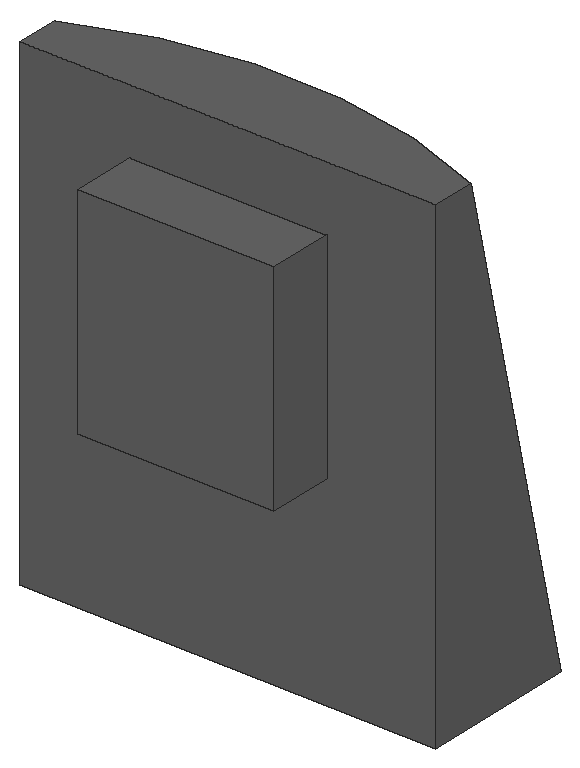
Revit family "SG", category Lighting Fixtures, host Wall, Revit 2021
Family settings
  Host = Wall
  Round Connector Dimension = Use Diameter
  Part Type = Normal
  OmniClass Number = 23.80.70.14.14
  OmniClass Title = Exterior Floodlights
  Always vertical = Yes
  Cut with Voids When Loaded = No
  Light Source = No
  Shared = No
  Room Calculation Point = No
Parameters (values of type "SG-BL")
  Wattage Comments = "20, 30, 50,& 80W"  # constant formula
  Voltage = 120 V
  URL = "https://www.currentlighting.com/exo"
  Product Page URL = ""
  Product Documentation Link = ""
  Photometric Web = Web SG : SG2-50-3K-PCU
  Glass = White Glass
  Product Option = Sling Series : SG2
  Power Factor = 1
  Model = "SG Sling"  # constant formula
  Manufacturer = "EXO"  # constant formula
  Load Classification = Lighting
  Lamp = "LED"  # constant formula
  Description = "Perimeter wall or flood illumination"  # constant formula
  Default Elevation = 0.00"
  Box Finish = Textured Black
  Assembly Code = "D5020200"
  Apparent Load = 20 VA
Types (5): name | Photometric Web | Product Option | Box Finish
  SG-BL | Web SG : SG2-50-3K-PCU | Sling Series : SG2 | Textured Black
  SG-DB | Web SG : SG1-20-PCU | Sling Series : SG2 | Textured Dark Bronze
  SG-WH | Web SG : SG1-20-PCU | Sling Series : SG1 | Textured White
  SG-GYS | Web SG : SG1-20-PCU | Sling Series : SG2 | Smooth Gray
  SG-PS | Web SG : SG1-20-PCU | Sling Series : SG1 | Platinum
Reference planes (in)
  plane 1 "Wall": y = 0
  plane 2 "Center (Left/Right)": x = 4.92126
  plane 3 "Back": y = 2.95276
  plane 4: y = 3.45276
  plane 5: y = 0.95276
  plane 6: z = 66.74729
Text (in)
  text "Placement Side" at (-36.97918, 19.73443, 0), in view "Ref. Level"
  text "Placement side" at (0, 27.32912, 79.68064), in view "Left"
  text "Placement side" at (0, 10.24977, 82.91007), in view "Right"
Dimensions and locks (in)
  locked: plane 3 "Back" to host wall
  locked: plane 3 "Back" to plane 4 at 0.5
  locked: plane 4 to plane 5 at 2.5
  aligned and locked: plane 1 "Wall" to host wall
  aligned and locked: nested 1 to plane 6
  aligned and locked: nested 1 to plane 2 "Center (Left/Right)"
  aligned and locked: plane 2 "Center (Left/Right)" to nested 2
Nested families (in)
  nested 1: "Sling Series" at (4.92126, 2.95276, 66.74729) x (-1, 0, 0) z (0, 1, 0), type <- "Product Option", type "SG2"
    with zz Height 2 4.00", zz Height 1 11.14", zz Weigth 1 9.52", zz Depth 2 0.75", zz Depth 1 5.80", Array 14
  nested 2: "Web SG" at (4.96125, 6.76104, 59.65729) x (0, -1, 0) z (0, 0, -1), type <- "Photometric Web", type "SG2-50-3K-PCU"
Connectors (in)
  electrical at (4.92126, 2.95276, 66.74729), driven by "Load Classification", driven by "Voltage", driven by "Apparent Load", driven by "Power Factor"
    settings: on nested 1, index 1, voltage 120 V, apparent load 20 VA, apparent load phase1 0 VA, apparent load phase2 0 VA, apparent load phase3 0 VA, power factor 1, load classification "Lighting", number of poles 1, system type 30, power factor state 1, is connector primary yes, connector utility no, sub classification motor no, connector description "Lighting Connector"
Definition of nested family "Sling Series"
  Parameters
    zz Height 2 = 3.00"
    zz Height 1 = 7.80"
    zz Weigth 1 = 6.61"
    zz Depth 2 = 0.50"
    zz Depth 1 = 4.19"
    Reflector Assy = none
    Glass = none
    Default Elevation = 48.00"
    Array = 11
  Reference planes (in)
    plane 1 "Center (Front/Back)": y = 0
    plane 2: z = 0
    plane 3 "Center (Left/Right)": x = 0
    plane 4: y = -4.8
    plane 5: y = 3
    plane 6: z = 1.5
    plane 7: x = -3.305
    plane 8: x = 3.305
    plane 9: x = -2.25
    plane 10: x = 2.25
    plane 11: y = 2.5
    plane 12: y = -2.5
    plane 13: z = 4.19
    plane 14: z = 3
    plane 15: z = 2.5
    plane 16: z = 3.69
    plane 17: y = -4.55
    plane 18: y = -4.75
    plane 19: x = -2.805
    plane 20: x = 2.805
    plane 21: x = -2.555
    plane 22: x = 2.555
    plane 23: y = -4.05
    plane 24: y = -4.09166
    plane 25: y = -4.05417
    plane 26: y = -4.05833
    plane 27: y = -4.0625
    plane 28: y = -4.06667
    plane 29: y = -4.07083
    plane 30: y = -4.075
    plane 31: y = -4.07917
    plane 32: y = -4.08333
    plane 33: y = -4.0875
    plane 34: y = -4.05
  Forms (in)
    Extrusion 1, solid
      sketch origin (0, 0, 0) x (1, 0, 0) y (0, 1, 0)
        loop
          line (-48, 48) -> (-48, -48) -> (48, -48) -> (48, 48) -> (-48, 48)
      from 0 to -12
    Extrusion 2, solid, material <- "Reflector Assy"
      sketch origin (0, 0, 0) x (1, 0, 0) y (0, 1, 0)
        loop
          line (-2.25, 2.5) -> (-2.25, -2.5) -> (2.25, -2.5) -> (2.25, 2.5) -> (-2.25, 2.5)
      from 0 to 1.5
    SweptBlend 3, solid, material <- "Reflector Assy"
      path origin (0, 0, 0) x (1, 0, 0) y (0, 1, 0)
        loop
          line (0, 3) -> (0, -4.8)
      profile origin (0, 3, 0) x (1, 0, 0) y (0, 0, 1)
        loop
          line (3.305, 1.5) -> (3.305, 2.5)
          arc (3.305, 2.5) -> (0, 3) -> (-3.305, 2.5) r 11.17302
          line (-3.305, 2.5) -> (-3.305, 1.5) -> (3.305, 1.5)
      end profile origin (0, -4.8, 0) x (1, 0, 0) y (0, 0, 1)
        loop
          line (3.305, 1.5) -> (3.305, 3.69)
          arc (3.305, 3.69) -> (0, 4.12687) -> (-3.305, 3.69) r 12.71989
          line (-3.305, 3.69) -> (-3.305, 1.5) -> (3.305, 1.5)
    Extrusion 4, void
      sketch origin (0, 0, 0) x (1, 0, 0) y (0, 0, 1)
        loop
          arc (3.055, 3.51127) -> (0, 3.89085) -> (-3.055, 3.51127) r 12.48387
          line (-3.055, 3.51127) -> (-3.055, 1.75) -> (3.055, 1.75) -> (3.055, 3.51127)
      from 4.55 to 4.8
    Extrusion 5, solid, material <- "Glass"
      sketch origin (0, 0, 0) x (1, 0, 0) y (0, 0, 1)
        loop
          arc (3.055, 3.51127) -> (0, 3.89085) -> (-3.055, 3.51127) r 12.48387
          line (-3.055, 3.51127) -> (-3.055, 1.75) -> (3.055, 1.75) -> (3.055, 3.51127)
      from 4.55 to 4.75
    Extrusion 6, void
      sketch origin (-4.02127, 0, 62.36429) x (0, 0, -1) y (0, -1, 0)
        loop
          line (56.61429, -2.5) -> (59.86429, -2.5) -> (58.67429, 4.05) -> (56.61429, 4.05) -> (56.61429, -2.5)
      from -1.21627 to -1.46627
    Extrusion 7, void
      sketch origin (2.79373, -0.04166, 62.36429) x (0, 0, -1) y (0, -1, 0)
        loop
          line (56.61429, -2.5) -> (59.86429, -2.5) -> (58.67429, 4.05) -> (56.61429, 4.05) -> (56.61429, -2.5)
      from -1.21627 to -1.46627
    Extrusion 8, void
      sketch origin (-3.33977, -0.00417, 62.36429) x (0, 0, -1) y (0, -1, 0)
        loop
          line (56.61429, -2.5) -> (59.86429, -2.5) -> (58.67429, 4.05) -> (56.61429, 4.05) -> (56.61429, -2.5)
      from -1.21627 to -1.46627
    Extrusion 9, void
      sketch origin (-2.65827, -0.00833, 62.36429) x (0, 0, -1) y (0, -1, 0)
        loop
          line (56.61429, -2.5) -> (59.86429, -2.5) -> (58.67429, 4.05) -> (56.61429, 4.05) -> (56.61429, -2.5)
      from -1.21627 to -1.46627
    Extrusion 10, void
      sketch origin (-1.97677, -0.0125, 62.36429) x (0, 0, -1) y (0, -1, 0)
        loop
          line (56.61429, -2.5) -> (59.86429, -2.5) -> (58.67429, 4.05) -> (56.61429, 4.05) -> (56.61429, -2.5)
      from -1.21627 to -1.46627
    Extrusion 11, void
      sketch origin (-1.29527, -0.01667, 62.36429) x (0, 0, -1) y (0, -1, 0)
        loop
          line (56.61429, -2.5) -> (59.86429, -2.5) -> (58.67429, 4.05) -> (56.61429, 4.05) -> (56.61429, -2.5)
      from -1.21627 to -1.46627
    Extrusion 12, void
      sketch origin (-0.61377, -0.02083, 62.36429) x (0, 0, -1) y (0, -1, 0)
        loop
          line (56.61429, -2.5) -> (59.86429, -2.5) -> (58.67429, 4.05) -> (56.61429, 4.05) -> (56.61429, -2.5)
      from -1.21627 to -1.46627
    Extrusion 13, void
      sketch origin (0.06773, -0.025, 62.36429) x (0, 0, -1) y (0, -1, 0)
        loop
          line (56.61429, -2.5) -> (59.86429, -2.5) -> (58.67429, 4.05) -> (56.61429, 4.05) -> (56.61429, -2.5)
      from -1.21627 to -1.46627
    Extrusion 14, void
      sketch origin (0.74923, -0.02917, 62.36429) x (0, 0, -1) y (0, -1, 0)
        loop
          line (56.61429, -2.5) -> (59.86429, -2.5) -> (58.67429, 4.05) -> (56.61429, 4.05) -> (56.61429, -2.5)
      from -1.21627 to -1.46627
    Extrusion 15, void
      sketch origin (1.43073, -0.03333, 62.36429) x (0, 0, -1) y (0, -1, 0)
        loop
          line (56.61429, -2.5) -> (59.86429, -2.5) -> (58.67429, 4.05) -> (56.61429, 4.05) -> (56.61429, -2.5)
      from -1.21627 to -1.46627
    Extrusion 16, void
      sketch origin (2.11223, -0.0375, 62.36429) x (0, 0, -1) y (0, -1, 0)
        loop
          line (56.61429, -2.5) -> (59.86429, -2.5) -> (58.67429, 4.05) -> (56.61429, 4.05) -> (56.61429, -2.5)
      from -1.21627 to -1.46627
  Cuts and joins
    Extrusion 4, Extrusion 6, Extrusion 7, Extrusion 8, Extrusion 9, Extrusion 10, Extrusion 11, Extrusion 12, Extrusion 13, Extrusion 14, Extrusion 15, Extrusion 16 cuts SweptBlend 3
  Dimensions and locks (in)
    equal spacing: plane 7, plane 3 "Center (Left/Right)", plane 8
    "zz Height 2": plane 1 "Center (Front/Back)" to plane 5
    "zz Height 1": plane 4 to plane 5
    "zz Weigth 1": plane 7 to plane 8
    equal spacing: plane 9, plane 3 "Center (Left/Right)", plane 10, locked at 2.25 each
    locked: plane 1 "Center (Front/Back)" to plane 11 at 2.5
    locked: plane 12 to plane 1 "Center (Front/Back)" at 2.5
    locked: plane 6 to plane 2 at 1.5
    "zz Depth 1": plane 2 to plane 13
    "zz Depth 2": plane 16 to plane 13
    locked: plane 15 to plane 14 at 0.5
    locked: SweptBlend 3 sketch curve to plane 15 at 10.67302
    locked: plane 17 to plane 4 at 0.25
    locked: plane 17 to plane 18 at 0.2
    locked: plane 19 to plane 21 at 0.25
    locked: plane 22 to plane 20 at 0.25
    locked: plane 7 to plane 19 at 0.5
    plane 23 to plane 4 = 0.75"
    locked: plane 20 to plane 8 at 0.5
    equal spacing: group 1, group 3, group 4, group 5, group 6, group 7, group 8, group 9, group 10, group 11, group 2  (x2)
    equal spacing: group 2, group 11, group 10, group 9, group 8, group 7, group 6, group 5, group 4, group 3, group 1
    aligned and locked: plane 2 to Extrusion 1
    aligned and locked: level to Extrusion 1
    aligned and locked: plane 11 to Extrusion 2 sketch curve
    aligned and locked: plane 9 to Extrusion 2 sketch curve
    aligned and locked: plane 12 to Extrusion 2 sketch curve
    aligned and locked: plane 10 to Extrusion 2 sketch curve
    aligned and locked: Extrusion 2 to plane 6
    aligned and locked: plane 5 to SweptBlend 3 sketch curve
    aligned and locked: SweptBlend 3 sketch curve to plane 3 "Center (Left/Right)"
    aligned and locked: plane 4 to SweptBlend 3 sketch curve
    aligned and locked: SweptBlend 3 sketch curve to plane 7  (x2)
    aligned and locked: plane 6 to SweptBlend 3 sketch curve  (x2)
    aligned and locked: plane 8 to SweptBlend 3 sketch curve  (x2)
    aligned and locked: plane 15 to SweptBlend 3 sketch curve  (x2)
    aligned and locked: plane 3 "Center (Left/Right)" to SweptBlend 3 sketch curve
    aligned and locked: plane 16 to SweptBlend 3 sketch curve
    aligned and locked: plane 17 to Extrusion 4
    aligned and locked: Extrusion 4 to plane 4
    aligned and locked: Extrusion 5 sketch curve to cut or joined group of SweptBlend 3, Extrusion 4, Extrusion 6, Extrusion 7, Extrusion 8, Extrusion 9, Extrusion 10, Extrusion 11, Extrusion 12, Extrusion 13, Extrusion 14, Extrusion 15, Extrusion 16  (x4)
    aligned and locked: plane 17 to Extrusion 5
    aligned and locked: Extrusion 5 to plane 18
    aligned and locked: plane 21 to Extrusion 6
    aligned and locked: Extrusion 6 to plane 11
    aligned and locked: Extrusion 6 to plane 19
    aligned and locked: Extrusion 6 sketch curve to plane 23
    aligned and locked: Extrusion 7 sketch curve to plane 24
    aligned and locked: Extrusion 8 sketch curve to plane 25
    aligned and locked: Extrusion 9 sketch curve to plane 26
    aligned and locked: Extrusion 10 sketch curve to plane 27
    aligned and locked: Extrusion 11 sketch curve to plane 28
    aligned and locked: Extrusion 12 sketch curve to plane 29
    aligned and locked: Extrusion 13 sketch curve to plane 30
    aligned and locked: Extrusion 14 sketch curve to plane 31
    aligned and locked: Extrusion 15 sketch curve to plane 32
    aligned and locked: Extrusion 16 sketch curve to plane 33
  Automatic sketch dimensions
    Extrusion 1 sketch curve to Extrusion 1 sketch curve = 96.00"  (x2)
    SweptBlend 3 sketch curve to level = 8.59302"
    plane 7 to Extrusion 4 sketch curve = 0.25"
    Extrusion 4 sketch curve to plane 6 = 0.25"
    Extrusion 4 sketch curve to plane 3 "Center (Left/Right)" = 0.00"
    plane 8 to Extrusion 4 sketch curve = 0.25"
    plane 16 to Extrusion 4 sketch curve = 0.17873"
    Extrusion 4 sketch curve to level = 8.59302"
    Extrusion 6 sketch curve to plane 23 = 6.55"
    Extrusion 6 sketch curve to Extrusion 6 sketch curve = 2.06"
    Extrusion 6 sketch curve to Extrusion 6 sketch curve = 3.25"
    Extrusion 7 sketch curve to plane 24 = 6.55"
    Extrusion 7 sketch curve to Extrusion 7 sketch curve = 2.06"
    Extrusion 7 sketch curve to Extrusion 7 sketch curve = 3.25"
    Extrusion 8 sketch curve to plane 25 = 6.55"
    Extrusion 8 sketch curve to Extrusion 8 sketch curve = 2.06"
    Extrusion 8 sketch curve to Extrusion 8 sketch curve = 3.25"
    Extrusion 9 sketch curve to plane 26 = 6.55"
    Extrusion 9 sketch curve to Extrusion 9 sketch curve = 2.06"
    Extrusion 9 sketch curve to Extrusion 9 sketch curve = 3.25"
    Extrusion 10 sketch curve to plane 27 = 6.55"
    Extrusion 10 sketch curve to Extrusion 10 sketch curve = 2.06"
    Extrusion 10 sketch curve to Extrusion 10 sketch curve = 3.25"
    Extrusion 11 sketch curve to plane 28 = 6.55"
    Extrusion 11 sketch curve to Extrusion 11 sketch curve = 2.06"
    Extrusion 11 sketch curve to Extrusion 11 sketch curve = 3.25"
    Extrusion 12 sketch curve to plane 29 = 6.55"
    Extrusion 12 sketch curve to Extrusion 12 sketch curve = 2.06"
    Extrusion 12 sketch curve to Extrusion 12 sketch curve = 3.25"
    Extrusion 13 sketch curve to plane 30 = 6.55"
    Extrusion 13 sketch curve to Extrusion 13 sketch curve = 2.06"
    Extrusion 13 sketch curve to Extrusion 13 sketch curve = 3.25"
    Extrusion 14 sketch curve to plane 31 = 6.55"
    Extrusion 14 sketch curve to Extrusion 14 sketch curve = 2.06"
    Extrusion 14 sketch curve to Extrusion 14 sketch curve = 3.25"
    Extrusion 15 sketch curve to plane 32 = 6.55"
    Extrusion 15 sketch curve to Extrusion 15 sketch curve = 2.06"
    Extrusion 15 sketch curve to Extrusion 15 sketch curve = 3.25"
    Extrusion 16 sketch curve to plane 33 = 6.55"
    Extrusion 16 sketch curve to Extrusion 16 sketch curve = 2.06"
    Extrusion 16 sketch curve to Extrusion 16 sketch curve = 3.25"
Definition of nested family "Web SG"
  Parameters
    Wattage Comments = ""
    Wattage = 29 W
    built-in parameter 1150110 = 1 (stored number, unit not read)
    URL = ""
    built-in parameter 1114217 = 1 (stored number, unit not read)
    Tilt Angle = 90.00°  # constant formula
    built-in parameter 1150109 = 1 (stored number, unit not read)
    built-in parameter 1150134 = (empty or 0)
    built-in parameter 1150113 = 1 (stored number, unit not read)
    Product Page URL = ""
    Product Documentation Link = ""
    Photometric Web Link = "http://www.hubbelloutdoor.com/products/sg_sling"
    Photometric Web File = "SG1-30-3K-PCU.IES"
    Photometric Notes = "More IES files download Photometric Web Link"  # constant formula
    Model = ""
    Manufacturer Phone = ""
    Manufacturer Fax = ""
    Manufacturer = ""
    built-in parameter 1150105 = 242.31 (stored number, unit not read)
    Lumens = 3045 lm
    built-in parameter 1150115 = 1 (stored number, unit not read)
    built-in parameter 1150137 = (empty or 0)
    built-in parameter 1150139 = (empty or 0)
    built-in parameter 1150112 = 1 (stored number, unit not read)
    built-in parameter 1150114 = 1 (stored number, unit not read)
    Lamp = ""
    built-in parameter 1150132 = (empty or 0)
    built-in parameter 1150102 = (empty or 0)
    built-in parameter 1150107 = 3000 (stored number, unit not read)
    built-in parameter 1150138 = (empty or 0)
    built-in parameter 1150106 = 2.4231 (stored number, unit not read)
    Emit from Rectangle Width = 6.00"  # constant formula
    Emit from Rectangle Length = 2.20"  # constant formula
    Emit Shape Visible in Rendering = no
    built-in parameter 1150104 = 9.7548 (stored number, unit not read)
    Dimming Lamp Color Temperature Shift = (empty or 0)
    Description = ""
    Default Elevation = 48.00"
    Color Filter = 16777215
    built-in parameter 1114218 = 1 (stored number, unit not read)
    built-in parameter 1150133 = 10 (stored number, unit not read)
  Reference planes (in)
    plane 1 "Center (Front/Back)": y = 0.03999
    plane 2: z = 0
    plane 3 "Center (Left/Right)": x = -0.23896
  Forms (in)
    Extrusion 1, solid
      sketch origin (0, 0, 0.06357) x (1, 0, 0) y (0, 1, 0)
        loop
          line (-48, 48) -> (-48, -48) -> (48, -48) -> (48, 48) -> (-48, 48)
      from -0.06357 to -17.74365
  Lines and regions (in)
    reference lines
      curve 1: line (-0.23896, 0.03999, 18.11448) -> (-0.23896, 0.03999, -22.88552)
      curve 2: line (-0.23896, 0.03999, 34) -> (-0.23896, 0.03999, -22.88552)
  Dimensions and locks (in)
    aligned and locked: plane 2 to Extrusion 1
    aligned and locked: level to Extrusion 1
    aligned and locked: curve 1 to plane 3 "Center (Left/Right)"
    aligned and locked: plane 1 "Center (Front/Back)" to curve 2
